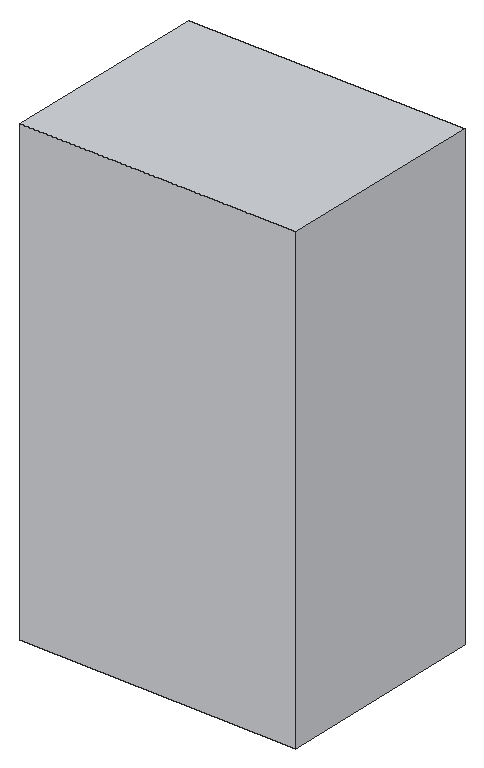
Revit family
Parameters
  Trim Material = Metal - Stainless Steel
  Body Material = Metal - Stainless Steel
  Warranty Duration (Years) = 0
  URL = "http://www.americanspecialties.com/viewCategories.cfm"
  Test Data = ""
  Specification = "http://www.arcat.com/sdspecs/htm/10810asi.htm"
  SpecWizard = ""
  Send Message = "http://www.arcat.com/users.pl?action=UserEmail&company=American%20Specialties,%20Inc.&coid=30448&rep=139&fax=914-476-0688&mf="
  Sales Information = "http://www.americanspecialties.com/contact"
  Revision = "R1_10-2010"
  Product Properties = "http://www.americanspecialties.com/datasheets/0262.pdf"
  Product Data = "http://www.arcat.com/arcatcos/cos30/arc30448.html"
  Model = "As Specified in 10 28 13"
  Manufacturer Website = "http://www.americanspecialties.com/viewCategories.cfm"
  Manufacturer Phone - Toll Free = ""
  Manufacturer Phone = "914-476-9000 "
  Manufacturer Fax = "914-476-0688"
  Manufacturer Address = "441 Saw Mill River Rd., Yonkers, NY 10701"
  Manufacturer = "American Specialties, Inc."
  Maintenance Schedule (Months) = 0
  Keynote = "10 28 13"
  Installation-Fabrication = "http://www.americanspecialties.com/products.cfm"
  Green Building-LEED = ""
  Expected Lifespan (Years) = 0
  Drawn By = "Robert S. Weygant. CSI, CDT, SCIP"  # constant formula
  Description = "Toilet Accessory as Specified in 10 28 13"
  Default Elevation = 4' - 0"
  Copyright = "©Arcat Inc."
  Construction Details = "http://www.arcat.com/green/clients/leed_data_30448.html"
  Building Codes = "http://www.americanspecialties.com/products.cfm"
  Assembly Code = "C1030210"
Reference planes (in)
  plane 1 "Center (Front/Back)": y = -0.29112
  plane 2 "Floor Line": z = 0
  plane 3 "Center (Left/Right)": x = -0.65843
  plane 4: y = 3.83388
  plane 5: y = -4.41612
  plane 6: x = -3.03343
  plane 7: x = 1.71657
  plane 8: z = 3
Forms (in)
  Extrusion 1, solid
    sketch origin (-3.65843, -10.3328, -6) x (0, 0, -1) y (1, 0, 0)
      loop
        line (-82, 26) -> (-82, -19.34712) -> (-6, -19.34712) -> (-6, 26) -> (-82, 26)
    from 9 to -25.60721
  Extrusion 2, solid, material "Metal - Stainless Steel" <- "Body Material"
    sketch origin (-0.65843, 0, 0) x (0, 1, 0) y (0, 0, 1)
      loop
        line (3.83388, 0) -> (3.83388, 0.47876)
        arc (3.83388, 0.47876) -> (3.83212, 0.4997) -> (3.82687, 0.52005) r 0.125
        line (3.82687, 0.52005) -> (2.95888, 3) -> (-3.54112, 3) -> (-4.4091, 0.52005)
        arc (-4.4091, 0.52005) -> (-4.41435, 0.4997) -> (-4.41612, 0.47876) r 0.125
        line (-4.41612, 0.47876) -> (-4.41612, 0) -> (3.83388, 0)
    from -2.375 to 2.375
  Extrusion 3, void
    sketch origin (0, -0.25, 0) x (1, 0, 0) y (0, 1, 0)
      loop
        line (-0.72093, -1.75818) -> (-0.72093, -2.75818) -> (-0.59593, -2.75818) -> (-0.59593, -1.75818) -> (-0.72093, -1.75818)
    from 2.93581 to 3
  Extrusion 4, void
    sketch origin (0, 0, 0) x (1, 0, 0) y (0, 1, 0)
      loop
        arc (-2.47093, 2.6376) -> (-2.40843, 2.26955) -> (-2.34593, 2.6376) r 0.18933
        line (-2.34593, 2.6376) -> (-2.34593, 2.89638)
        arc (-2.34593, 2.89638) -> (-2.40843, 2.95888) -> (-2.47093, 2.89638) r 0.0625
        line (-2.47093, 2.89638) -> (-2.47093, 2.6376)
      loop
        line (1.15407, 2.6376) -> (1.15407, 2.89638)
        arc (1.15407, 2.89638) -> (1.09157, 2.95888) -> (1.02907, 2.89638) r 0.0625
        line (1.02907, 2.89638) -> (1.02907, 2.6376)
        arc (1.02907, 2.6376) -> (1.09157, 2.26955) -> (1.15407, 2.6376) r 0.18933
      loop
        arc (-2.47093, -2.5499) -> (-2.40843, -2.91795) -> (-2.34593, -2.5499) r 0.18933
        line (-2.34593, -2.5499) -> (-2.34593, -2.29112)
        arc (-2.34593, -2.29112) -> (-2.40843, -2.22862) -> (-2.47093, -2.29112) r 0.0625
        line (-2.47093, -2.29112) -> (-2.47093, -2.5499)
      loop
        line (1.15407, -2.5499) -> (1.15407, -2.29112)
        arc (1.15407, -2.29112) -> (1.09157, -2.22862) -> (1.02907, -2.29112) r 0.0625
        line (1.02907, -2.29112) -> (1.02907, -2.5499)
        arc (1.02907, -2.5499) -> (1.09157, -2.91795) -> (1.15407, -2.5499) r 0.18933
    from 0 to 0.28739
  Extrusion 5, solid, material "Metal - Stainless Steel" <- "Body Material"
    sketch origin (-0.65843, 3.48146, 1.50693) x (0, 0.33035, -0.943858) y (-1, 0, 0)
      loop
        circle (0, 0) r 0.31069
      loop
        line (-0.21563, 0.03015) -> (-0.21563, -0.02669) -> (0.221, -0.02669) -> (0.221, 0.03015) -> (-0.21563, 0.03015)
    from 0 to 0.125
Cuts and joins
  Extrusion 3, Extrusion 4 cuts Extrusion 2
Dimensions and locks (in)
  aligned and locked: Extrusion 2 sketch curve to level
  aligned and locked: Extrusion 2 sketch curve to plane 8
  aligned and locked: Extrusion 2 sketch curve to plane 5
  aligned and locked: plane 4 to Extrusion 2 sketch curve
  aligned and locked: Extrusion 2 to plane 6
  aligned and locked: Extrusion 2 to plane 7
